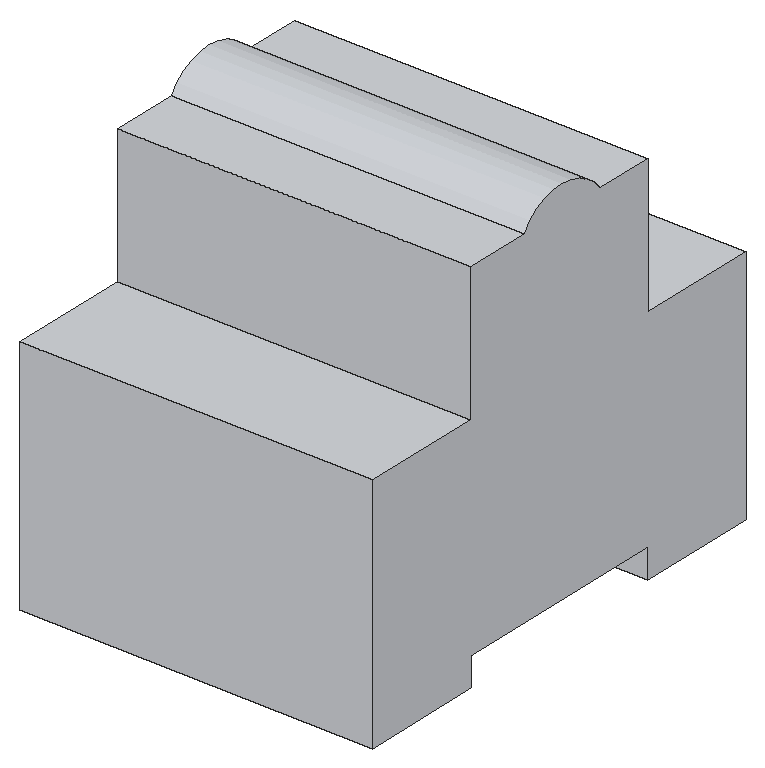
Revit family "Power-ModularDevices-GEWISS-90AM-SPD_TYPE1+2_1PN_25kA", category Apparecchi elettrici, host Superficie, Revit 2016
Family settings
  Host = Superficie
  Mantenere orientamento annotazione = Sì
  Tipo di parte = Normale
  Quota connettore circolare = Usa diametro
  Numero OmniClass = 23.80.50.00
  Titolo OmniClass = Terminals for Power Supply
  Taglio con vuoti quando caricato = No
  Condiviso = No
  Punto di calcolo locali = Sì
Parameters (values of type "GWD6404 - LST - SPD 1P+N 25KA AUX. T1+2")
  potenza in watt = 0 V
  carico = Altro
  Version file RFA = "18.0"
  URL = "https://www.gewiss.com/ww/en"
  Type: = "1+2"
  Type = "1+2"
  Technical sheet = "https://www.gewiss.com/ww/en/search?q=GWD6404"
  Spostamento_x = -3950 mm
  Simbolo in pianta = yes
  SEO = "Limiter"
  Realized by GEWISS S.p.A. = ""
  Rated voltage AC = "230V"
  Rated voltage = "230Vac"
  Default Elevation = 1219.2 mm
  Produttore = "GEWISS S.p.A."
  Numero di poli_ = 1
  Spost_x_eff [instance] = 4000 mm + Spostamento_x  # 50 mm
  Number of poles = "1P+N"
  No. of poles = "1P+N"
  No. of modules EN 50022 = "4"
  No. Chorus modules = "4"
  Modello = "GWD6404"
  Maximum discharge current: = "100KA"
  Impulse current: = "25KA"
  Immagine tipo = GWD6404.jpg
  IFC.TypeObject = ""
  IFC.ExportType = ""
  IFC.ExportAs = ""
  IDT = "4e618f7d-67d6-4cf4-8899-ed9f15f30b0f"
  IDF = "c10255b5-4ec2-446d-ba9d-d686e9f5ba9b"
  Electrocod = "0641"
  EAN code = "8011564774827"
  Descrizione = "LST - SPD 1P+N 25KA AUX. T1+2"
  Catalogue Range = "90 AM"
  Catalogue = "POWER"
  COBie.Tagnumber = ""
  COBie.CreatedOn = ""
  COBie.CreatebBy = ""
  COBie.ComponentRegisterItemID = ""
  COBie.Component.TagNumber = ""
  COBie.Component.Space = ""
  COBie.Component.SerialNumber = ""
  COBie.Component.InstallationDate = ""
  COBie.Component.Description = ""
  COBie.Component.BarCode = ""
  Barra_DIN [instance] = 0 mm
  Aux end-of-life contact = "Yes"
Types (2, lengths in mm): name | URL | Produttore | Descrizione
  (no name) | 0 | "GEWISS" | "LST - SCARICATORE 1P+N 25kA AUS. T1+2"
  GWD6404 - LST - SPD 1P+N 25KA AUX. T1+2 | "https://www.gewiss.com/ww/en" | "GEWISS S.p.A." | "LST - SPD 1P+N 25KA AUX. T1+2"
Values of the unnamed type that differ from the named types
  Version file RFA = ""
  Type: = ""
  Type = ""
  Technical sheet = ""
  SEO = ""
  Rated voltage AC = ""
  Rated voltage = ""
  Number of poles = ""
  No. of poles = ""
  No. of modules EN 50022 = ""
  No. Chorus modules = ""
  Maximum discharge current: = ""
  Impulse current: = ""
  IDT = ""
  IDF = ""
  Electrocod = ""
  EAN code = ""
  Catalogue Range = ""
  Catalogue = ""
  Aux end-of-life contact = ""
Reference planes
  plane 1 "Centro (Fronte/Retro)": y = 0
  plane 2: z = 0
  plane 3 "Centro (Sinistra/Destra)": x = 0
  plane 4: z = 0
Dimensions and locks
  "Barra_DIN": host face to plane 4
  aligned and locked: plane 2 to host face
  aligned and locked: level to host face
  aligned and locked: plane 3 "Centro (Sinistra/Destra)" to nested 1
  aligned and locked: plane 1 "Centro (Fronte/Retro)" to nested 1
Automatic sketch dimensions
  host sketch curve to host sketch curve = 5519.2 mm
  host sketch curve to host sketch curve = 4328.142 mm
Nested families
  nested 1: "GENERICO - 90AM SCARICATORI LST TIPO 1+2 1P+N 25KA" at (0, 0, 7), type "GENERICO - 90AM SCARICATORI LST TIPO 1+2 1P+N 25KA"
  nested 2: "Famiglia3" at (0, 72.865, 0), visible <- "Simbolo in pianta", type "Famiglia3"
Connectors
  electrical at (0, 47.5, 25.5)
    settings: on nested 1, index 1, voltage 230 V, apparent load 0 VA, apparent load phase1 0 VA, apparent load phase2 0 VA, apparent load phase3 0 VA, power factor 1, load classification "Altro", number of poles 1, system type 31, power factor state 1, is connector primary yes, connector utility no, sub classification motor no, connector description ""
Definition of nested family "GENERICO - 90AM SCARICATORI LST TIPO 1+2 1P+N 25KA"
  Parameters (values of type "GENERICO - 90AM SCARICATORI LST TIPO 1+2 1P+N 25KA")
    h_barra din = if(Altezza barre = 1 mm, 69.9 mm, if(Altezza barre = 2 mm, 115.8 mm, 0 mm))  # 0 mm
    Default Elevation = 1219.2 mm
    H = if(AB_O = 1, AB_V, if(AB_O = 2, AB_H, 50.8 mm))  # 50.8 mm
    Dist barra din = 0 mm  # constant formula
    C1 = 49 mm  # constant formula
    C = 76 mm  # constant formula
    B = 95 mm  # constant formula
    Altezza barre = 5 mm  # constant formula
    AB_V = 3 mm  # constant formula
    AB_H = 5 mm  # constant formula
    AB_O = 0  # constant formula
    A = 72 mm  # constant formula
  Reference planes
    plane 1 "Centro (Fronte/Retro)": y = 0
    plane 2: z = 0
    plane 3 "Centro (Sinistra/Destra)": x = 0
    plane 4: y = -47.5
    plane 5: y = 47.5
    plane 6: z = 0
    plane 7: z = -6
    plane 8 "top": z = 76
    plane 9 "incasso": z = 43
    plane 10: y = -22.5
    plane 11: y = 22.5
    plane 12: x = -36
    plane 13: x = 36
    plane 14: through (4267.2, -42.5, 9) normal (0, -0.1901, 0.9818)
    plane 15 "POSIZIONE": z = 71
    plane 16: y = 10.353
    plane 17: y = -8.889
  Forms (mm)
    Extrusion 1, solid
      sketch origin (0, 0, 0) x (0, 1, 0) y (0, 0, 1)
        loop
          line (-22.5, 0) -> (22.5, 0) -> (22.5, -6) -> (47.5, -6) -> (47.5, 43) -> (22.5, 43) -> (22.5, 71) -> (10.353, 71)
          arc (10.353, 71) -> (0.732, 76.023) -> (-8.889, 71) r 11.726
          line (-8.889, 71) -> (-22.5, 71) -> (-22.5, 43) -> (-47.5, 43) -> (-47.5, -6) -> (-22.5, -6) -> (-22.5, 0)
      from -36 to 36
  Lines and regions (mm)
    symbolic lines
      curve 1: line (0, 0, 15) -> (0, 0, -6)
      curve 2: line (0, -22.5, 0) -> (0, 22.5, 0)
    model lines, detail levels fine
      curve 3: line (-32.126, -19.935, 71) -> (-32.126, -21.516, 71)
      curve 4: line (-32.126, -21.516, 71) -> (-32.656, -21.516, 71)
      curve 5: line (-32.656, -21.516, 71) -> (-32.963, -21.478, 71)
      curve 6: line (-32.963, -21.478, 71) -> (-33.339, -21.311, 71)
      curve 7: line (-33.339, -21.311, 71) -> (-33.637, -21.034, 71)
      curve 8: line (-33.637, -21.034, 71) -> (-33.835, -20.661, 71)
      curve 9: line (-33.835, -20.661, 71) -> (-33.896, -20.263, 71)
      curve 10: line (-33.896, -20.263, 71) -> (-33.837, -19.897, 71)
      curve 11: line (-33.837, -19.897, 71) -> (-33.678, -19.573, 71)
      curve 12: line (-33.678, -19.573, 71) -> (-33.393, -19.278, 71)
      curve 13: line (-33.393, -19.278, 71) -> (-33.048, -19.099, 71)
      curve 14: line (-33.048, -19.099, 71) -> (-32.661, -19.035, 71)
      curve 15: line (-32.661, -19.035, 71) -> (-32.126, -19.035, 71)
      curve 16: line (-32.126, -19.035, 71) -> (-32.126, -19.717, 71)
      curve 17: line (-32.126, -19.717, 71) -> (-33.026, -19.717, 71)
      curve 18: line (-33.026, -19.717, 71) -> (-33.026, -20.835, 71)
      curve 19: line (-33.026, -20.835, 71) -> (-32.806, -20.835, 71)
      curve 20: line (-32.806, -20.835, 71) -> (-32.806, -19.935, 71)
      curve 21: line (-32.806, -19.935, 71) -> (-32.126, -19.935, 71)
      curve 22: line (-29.986, -21.516, 71) -> (-31.908, -21.516, 71)
      curve 23: line (-31.908, -21.516, 71) -> (-31.908, -19.035, 71)
      curve 24: line (-31.908, -19.035, 71) -> (-30.885, -19.035, 71)
      curve 25: line (-30.885, -19.035, 71) -> (-30.885, -19.717, 71)
      curve 26: line (-30.885, -19.717, 71) -> (-31.226, -19.717, 71)
      curve 27: line (-31.226, -19.717, 71) -> (-31.226, -19.935, 71)
      curve 28: line (-31.226, -19.935, 71) -> (-29.986, -19.935, 71)
      curve 29: line (-29.986, -19.935, 71) -> (-29.986, -20.617, 71)
      curve 30: line (-29.986, -20.617, 71) -> (-31.226, -20.617, 71)
      curve 31: line (-31.226, -20.617, 71) -> (-31.226, -20.835, 71)
      curve 32: line (-31.226, -20.835, 71) -> (-29.986, -20.835, 71)
      curve 33: line (-29.986, -20.835, 71) -> (-29.986, -21.516, 71)
      curve 34: line (-26.51, -21.516, 71) -> (-26.51, -19.935, 71)
      curve 35: line (-26.51, -19.935, 71) -> (-27.191, -19.935, 71)
      curve 36: line (-27.191, -19.935, 71) -> (-27.191, -21.516, 71)
      curve 37: line (-27.191, -21.516, 71) -> (-26.51, -21.516, 71)
      curve 38: line (-28.793, -21.516, 71) -> (-28.588, -20.494, 71)
      curve 39: line (-28.588, -20.494, 71) -> (-28.384, -21.516, 71)
      curve 40: line (-28.384, -21.516, 71) -> (-27.702, -21.516, 71)
      curve 41: line (-27.702, -21.516, 71) -> (-27.28, -19.717, 71)
      curve 42: line (-27.28, -19.717, 71) -> (-26.51, -19.717, 71)
      curve 43: line (-26.51, -19.717, 71) -> (-26.51, -19.035, 71)
      curve 44: line (-26.51, -19.035, 71) -> (-27.818, -19.035, 71)
      curve 45: line (-27.818, -19.035, 71) -> (-28.064, -20.085, 71)
      curve 46: line (-28.064, -20.085, 71) -> (-28.234, -19.035, 71)
      curve 47: line (-28.234, -19.035, 71) -> (-28.943, -19.035, 71)
      curve 48: line (-28.943, -19.035, 71) -> (-29.113, -20.085, 71)
      curve 49: line (-29.113, -20.085, 71) -> (-29.359, -19.035, 71)
      curve 50: line (-29.359, -19.035, 71) -> (-30.667, -19.035, 71)
      curve 51: line (-30.667, -19.035, 71) -> (-30.667, -19.717, 71)
      curve 52: line (-30.667, -19.717, 71) -> (-29.897, -19.717, 71)
      curve 53: line (-29.897, -19.717, 71) -> (-29.475, -21.516, 71)
      curve 54: line (-29.475, -21.516, 71) -> (-28.793, -21.516, 71)
      curve 55: line (-24.369, -19.035, 71) -> (-26.291, -19.035, 71)
      curve 56: line (-26.291, -19.035, 71) -> (-26.291, -20.616, 71)
      curve 57: line (-26.291, -20.616, 71) -> (-25.051, -20.616, 71)
      curve 58: line (-25.051, -20.616, 71) -> (-25.051, -20.835, 71)
      curve 59: line (-25.051, -20.835, 71) -> (-26.291, -20.835, 71)
      curve 60: line (-26.291, -20.835, 71) -> (-26.291, -21.516, 71)
      curve 61: line (-26.291, -21.516, 71) -> (-24.369, -21.516, 71)
      curve 62: line (-24.369, -21.516, 71) -> (-24.369, -19.935, 71)
      curve 63: line (-24.369, -19.935, 71) -> (-25.61, -19.935, 71)
      curve 64: line (-25.61, -19.935, 71) -> (-25.61, -19.717, 71)
      curve 65: line (-25.61, -19.717, 71) -> (-24.369, -19.717, 71)
      curve 66: line (-24.369, -19.717, 71) -> (-24.369, -19.035, 71)
      curve 67: line (-24.151, -19.035, 71) -> (-24.151, -20.616, 71)
      curve 68: line (-24.151, -20.616, 71) -> (-22.995, -20.616, 71)
      curve 69: line (-22.995, -20.616, 71) -> (-22.995, -20.835, 71)
      curve 70: line (-22.995, -20.835, 71) -> (-24.151, -20.835, 71)
      curve 71: line (-24.151, -20.835, 71) -> (-24.151, -21.516, 71)
      curve 72: line (-24.151, -21.516, 71) -> (-23.47, -21.516, 71)
      curve 73: line (-23.47, -21.516, 71) -> (-23.076, -21.39, 71)
      curve 74: line (-23.076, -21.39, 71) -> (-22.822, -21.224, 71)
      curve 75: line (-22.822, -21.224, 71) -> (-22.531, -20.867, 71)
      curve 76: line (-22.531, -20.867, 71) -> (-22.396, -20.467, 71)
      curve 77: line (-22.396, -20.467, 71) -> (-22.392, -20.112, 71)
      curve 78: line (-22.392, -20.112, 71) -> (-22.429, -19.935, 71)
      curve 79: line (-22.429, -19.935, 71) -> (-23.47, -19.935, 71)
      curve 80: line (-23.47, -19.935, 71) -> (-23.47, -19.717, 71)
      curve 81: line (-23.47, -19.717, 71) -> (-22.522, -19.717, 71)
      curve 82: line (-22.522, -19.717, 71) -> (-22.645, -19.511, 71)
      curve 83: line (-22.645, -19.511, 71) -> (-22.822, -19.327, 71)
      curve 84: line (-22.822, -19.327, 71) -> (-23.069, -19.165, 71)
      curve 85: line (-23.069, -19.165, 71) -> (-23.327, -19.071, 71)
      curve 86: line (-23.327, -19.071, 71) -> (-23.616, -19.035, 71)
      curve 87: line (-23.616, -19.035, 71) -> (-24.151, -19.035, 71)
    model lines
      curve 88: line (-35.758, 42.406, 43) -> (0, 42.406, 43)
      curve 89: circle (-27.311, 37.799, 43) r 3.335 normal (0, 0, 1)
      curve 90: circle (-9.311, 37.799, 43) r 3.429 normal (0, 0, 1)
      curve 91: circle (-9.553, -37.201, 43) r 3.335 normal (0, 0, 1)
      curve 93: line (35.758, 42.406, 43) -> (0, 42.406, 43)
      curve 94: circle (27.311, 37.799, 43) r 3.335 normal (0, 0, -1)
      curve 95: circle (9.311, 37.799, 43) r 3.429 normal (0, 0, -1)
      curve 96: circle (-26.436, -37.201, 43) r 3.335 normal (0, 0, -1)
      curve 102: line (14.76, 14.908, 71) -> (14.76, 19.281, 71)
      curve 103: line (14.76, 19.281, 71) -> (4.576, 19.281, 71)
      curve 104: line (4.576, 19.281, 71) -> (4.576, 14.908, 71)
      curve 105: line (4.576, 14.908, 71) -> (14.76, 14.908, 71)
      curve 106: line (32.76, 14.908, 71) -> (32.76, 19.281, 71)
      curve 107: line (32.76, 19.281, 71) -> (22.576, 19.281, 71)
      curve 108: line (22.576, 19.281, 71) -> (22.576, 14.908, 71)
      curve 109: line (22.576, 14.908, 71) -> (32.76, 14.908, 71)
      curve 114: line (0, -22.5, 71) -> (0, -8.889, 71)
    model lines, detail levels medium+fine
      curve 92: line (0, -22.5, 43) -> (0, -47.5, 43)
      curve 97: line (-17.758, 42.406, 43) -> (-17.758, 22.5, 43)
      curve 98: line (0, 42.406, 43) -> (0, 22.5, 43)
      curve 99: line (17.758, 42.406, 43) -> (17.758, 22.5, 43)
      curve 100: line (-17.995, -22.5, 43) -> (-17.995, -47.5, 43)
      curve 101: line (18.005, -22.5, 43) -> (18.005, -47.5, 43)
      curve 110: line (-17.758, 22.5, 71) -> (-17.758, 10.353, 71)
      curve 111: line (17.758, 22.5, 71) -> (17.758, 10.353, 71)
      curve 112: line (-17.995, -8.889, 71) -> (-17.995, -22.493, 71)
      curve 113: line (18.005, -8.889, 71) -> (18.005, -22.493, 71)
  Text (mm)
    text "AB_V" at (0, 50.868, 44.72), in view "Destra"
    text "AB_O" at (0, -80.659, 111.963), in view "Destra"
  Dimensions and locks
    equal spacing: plane 4, plane 1 "Centro (Fronte/Retro)", plane 5
    "B": plane 4 to plane 5
    "Dist barra din": plane 6 to level
    locked: plane 6 to plane 7 at 6
    "C": plane 8 "top" to plane 6
    equal spacing: plane 10, plane 1 "Centro (Fronte/Retro)", plane 11
    plane 10 to plane 11 = 45 mm
    equal spacing: plane 12, plane 3 "Centro (Sinistra/Destra)", plane 13
    "A": plane 12 to plane 13
    "C1": plane 9 "incasso" to plane 7
    locked: plane 15 "POSIZIONE" to plane 9 "incasso" at 28
    angle level to plane 14 = 10.9557°
    angle plane 4 to plane 8 "top" = 90.00°
    aligned and locked: level to plane 2
    aligned and locked: Extrusion 1 sketch curve to plane 6
    aligned and locked: Extrusion 1 sketch curve to plane 7
    aligned and locked: Extrusion 1 sketch curve to plane 4
    aligned and locked: Extrusion 1 sketch curve to plane 9 "incasso"  (x2)
    aligned and locked: Extrusion 1 sketch curve to plane 11  (x2)
    aligned and locked: Extrusion 1 sketch curve to plane 5
    aligned and locked: Extrusion 1 sketch curve to plane 10  (x2)
    aligned and locked: plane 1 "Centro (Fronte/Retro)" to curve 1
    aligned and locked: Extrusion 1 to plane 6
    aligned and locked: Extrusion 1 to plane 12
    aligned and locked: plane 13 to Extrusion 1
    aligned and locked: plane 15 "POSIZIONE" to Extrusion 1 sketch curve
    aligned and locked: Extrusion 1 sketch curve to plane 15 "POSIZIONE"
    aligned and locked: plane 17 to Extrusion 1 sketch curve
    aligned and locked: plane 16 to Extrusion 1 sketch curve
    aligned and locked: curve 113 to curve 101
  Automatic sketch dimensions
    Extrusion 1 sketch curve to plane 7 = 0 mm
    plane 15 "POSIZIONE" to Extrusion 1 sketch curve = 6.703 mm
    curve 2 to level = 0 mm
    curve 2 to plane 10 = 0 mm
    curve 2 to plane 11 = 0 mm
    curve 1 to plane 7 = 0 mm
    level to curve 1 = 15 mm
    curve 88 to curve 89 = 9.622 mm
    curve 93 to curve 94 = 9.622 mm
    curve 90 to curve 91 = 75 mm
    curve 96 to curve 91 = 0 mm
    curve 89 to curve 96 = 0.875 mm
    curve 96 to curve 91 = 16.883 mm
    curve 89 to curve 90 = 18 mm
    curve 90 to curve 98 = 10.388 mm
    curve 88 to curve 95 = 10.388 mm
    curve 95 to curve 94 = 18 mm
    curve 92 to curve 91 = 14.701 mm
    curve 88 to plane 3 "Centro (Sinistra/Destra)" = 0 mm
    curve 97 to plane 11 = 0 mm
    curve 98 to plane 11 = 0 mm
    curve 99 to plane 11 = 0 mm
    curve 100 to plane 10 = 0 mm
    curve 101 to plane 10 = 0 mm
    curve 92 to plane 3 "Centro (Sinistra/Destra)" = 0 mm
    curve 92 to plane 10 = 0 mm
    curve 92 to plane 4 = 0 mm
    curve 101 to plane 4 = 0 mm
    curve 100 to plane 4 = 0 mm
    curve 95 to plane 5 = 9.701 mm
    curve 94 to plane 5 = 9.701 mm
    curve 89 to plane 5 = 9.701 mm
    curve 90 to plane 5 = 9.701 mm
    curve 98 to plane 5 = 5.094 mm
    plane 4 to curve 91 = 10.299 mm
    plane 4 to curve 96 = 10.299 mm
    curve 90 to plane 3 "Centro (Sinistra/Destra)" = 9.311 mm
    curve 91 to plane 3 "Centro (Sinistra/Destra)" = 9.553 mm
    plane 12 to curve 96 = 9.564 mm
    plane 12 to curve 89 = 8.689 mm
    plane 3 "Centro (Sinistra/Destra)" to curve 95 = 9.311 mm
    curve 94 to plane 13 = 8.689 mm
    plane 12 to curve 88 = 0.242 mm
    curve 101 to plane 13 = 17.995 mm
    curve 93 to plane 13 = 0.242 mm
    plane 17 to curve 112 = 0 mm
    plane 16 to curve 110 = 0 mm
    curve 110 to plane 11 = 0 mm
    curve 111 to plane 11 = 0 mm
    plane 16 to curve 111 = 0 mm
    plane 17 to curve 113 = 0 mm
    plane 10 to curve 77 = 2.388 mm
    plane 12 to curve 77 = 13.608 mm
    plane 10 to curve 77 = 2.033 mm
    curve 77 to curve 77 = 0.004 mm
    curve 79 to curve 77 = 0.037 mm
    plane 10 to curve 82 = 2.783 mm
    curve 82 to curve 78 = 0.093 mm
    plane 10 to curve 75 = 1.633 mm
    curve 75 to curve 76 = 0.135 mm
    plane 10 to curve 83 = 2.989 mm
    curve 83 to curve 81 = 0.123 mm
    plane 10 to curve 74 = 1.276 mm
    curve 74 to curve 75 = 0.291 mm
    plane 10 to curve 83 = 3.173 mm
    curve 83 to curve 82 = 0.177 mm
    curve 69 to curve 75 = 0.463 mm
    plane 10 to curve 84 = 3.335 mm
    curve 84 to curve 83 = 0.247 mm
    plane 10 to curve 74 = 1.11 mm
    curve 74 to curve 74 = 0.254 mm
    plane 10 to curve 85 = 3.429 mm
    curve 85 to curve 84 = 0.258 mm
    curve 79 to curve 68 = 0.475 mm
    plane 10 to curve 73 = 0.984 mm
    curve 73 to curve 73 = 0.394 mm
    plane 10 to curve 86 = 3.465 mm
    curve 86 to curve 85 = 0.29 mm
    curve 70 to curve 72 = 0.682 mm
    curve 87 to curve 86 = 0.535 mm
    curve 66 to curve 67 = 0.218 mm
    curve 63 to curve 65 = 0 mm
    curve 58 to curve 70 = 0.9 mm
    curve 65 to curve 57 = 0.559 mm
    curve 59 to curve 63 = 0.682 mm
    curve 57 to curve 59 = 0 mm
    curve 34 to curve 60 = 0.218 mm
    curve 44 to curve 55 = 0.218 mm
    curve 35 to curve 34 = 0.682 mm
    plane 10 to curve 41 = 2.783 mm
    curve 41 to curve 35 = 0.089 mm
    plane 10 to curve 41 = 0.984 mm
    curve 41 to curve 36 = 0.511 mm
    plane 10 to curve 45 = 3.465 mm
    curve 45 to curve 41 = 0.538 mm
    plane 10 to curve 46 = 2.415 mm
    curve 46 to curve 41 = 0.784 mm
    plane 10 to curve 46 = 3.465 mm
    curve 46 to curve 44 = 0.416 mm
    curve 40 to curve 40 = 0.682 mm
    plane 10 to curve 39 = 2.006 mm
    curve 39 to curve 45 = 0.525 mm
    curve 54 to curve 39 = 0.409 mm
    curve 47 to curve 46 = 0.709 mm
    plane 10 to curve 48 = 2.415 mm
    curve 48 to curve 38 = 0.525 mm
    curve 50 to curve 47 = 0.416 mm
    curve 54 to curve 38 = 0.682 mm
    plane 10 to curve 53 = 2.783 mm
    curve 53 to curve 48 = 0.784 mm
    curve 22 to curve 53 = 0.51 mm
    curve 30 to curve 32 = 0 mm
    curve 51 to curve 28 = 0.681 mm
    curve 26 to curve 51 = 0.218 mm
    curve 31 to curve 25 = 0.341 mm
    curve 28 to curve 25 = 0.341 mm
    curve 23 to curve 26 = 0.681 mm
    curve 21 to curve 27 = 0.899 mm
    curve 16 to curve 23 = 0.218 mm
    curve 4 to curve 3 = 0.53 mm
    curve 15 to curve 15 = 0.535 mm
    curve 19 to curve 4 = 0.151 mm
    plane 10 to curve 6 = 1.022 mm
    curve 6 to curve 4 = 0.307 mm
    curve 17 to curve 20 = 0.219 mm
    curve 13 to curve 14 = 0.388 mm
    plane 10 to curve 7 = 1.189 mm
    curve 7 to curve 5 = 0.376 mm
    curve 12 to curve 13 = 0.345 mm
    curve 8 to curve 6 = 0.298 mm
    curve 11 to curve 12 = 0.285 mm
    curve 9 to curve 7 = 0.198 mm
    curve 10 to curve 11 = 0.159 mm
    curve 10 to curve 10 = 0.059 mm
    plane 3 "Centro (Sinistra/Destra)" to curve 105 = 4.576 mm
    curve 107 to plane 11 = 3.219 mm
    curve 102 to curve 107 = 7.816 mm
    plane 10 to curve 53 = 0.984 mm
    curve 40 to curve 37 = 0 mm
    curve 62 to curve 71 = 0 mm
    curve 22 to curve 53 = 0 mm
    curve 4 to curve 5 = 0.039 mm
    curve 6 to curve 8 = 0.277 mm
    curve 6 to curve 18 = 0.477 mm
    curve 61 to curve 59 = 0.682 mm
    curve 71 to curve 70 = 0.682 mm
    curve 22 to curve 33 = 0.682 mm
    curve 7 to curve 8 = 0.373 mm
    curve 32 to curve 29 = 0.218 mm
    curve 69 to curve 69 = 0.218 mm
    curve 58 to curve 58 = 0.218 mm
    curve 8 to curve 9 = 0.398 mm
    curve 19 to curve 20 = 0.9 mm
    curve 67 to curve 62 = 0.682 mm
    curve 36 to curve 41 = 0.218 mm
    curve 77 to curve 78 = 0.177 mm
    curve 29 to curve 52 = 0.218 mm
    curve 9 to curve 10 = 0.367 mm
    curve 20 to curve 18 = 0.218 mm
    curve 62 to curve 66 = 0.218 mm
    curve 51 to curve 26 = 0 mm
    curve 10 to curve 11 = 0.323 mm
    curve 11 to curve 12 = 0.295 mm
    curve 12 to curve 14 = 0.179 mm
    curve 51 to curve 50 = 0.682 mm
    curve 25 to curve 50 = 0 mm
    curve 16 to curve 23 = 0 mm
    curve 55 to curve 67 = 0 mm
    curve 108 to curve 107 = 4.373 mm
    curve 110 to plane 3 "Centro (Sinistra/Destra)" = 17.758 mm
    curve 84 to curve 112 = 5.074 mm
    curve 102 to curve 111 = 2.998 mm
    plane 10 to curve 112 = 0.007 mm
    plane 10 to curve 113 = 0.007 mm
    curve 114 to plane 3 "Centro (Sinistra/Destra)" = 0 mm
    curve 114 to plane 10 = 0 mm
    plane 17 to curve 114 = 0 mm
    curve 96 to curve 100 = 8.442 mm
    curve 97 to curve 90 = 8.447 mm
    curve 95 to curve 99 = 8.447 mm
    curve 107 to plane 13 = 3.24 mm
    curve 102 to plane 16 = 4.555 mm
    curve 104 to curve 102 = 10.184 mm
    curve 103 to plane 11 = 3.219 mm
    radius of curve 89 = 3.335 mm  (x2)
    radius of curve 90 = 3.429 mm  (x2)
    radius of curve 91 = 3.335 mm  (x2)
    radius of curve 94 = 3.335 mm  (x2)
    radius of curve 95 = 3.429 mm  (x2)
    radius of curve 96 = 3.335 mm  (x2)
Definition of nested family "Famiglia3"
  Reference planes
    plane 1: y = 0
    plane 2: x = 0
  Lines and regions (mm)
    detail lines
      curve 1: line (0, 0, 0) -> (-0.001, 3.334, 0)
      curve 2: line (0.277, 3.334, 0) -> (-0.278, 3.334, 0)
      curve 3: line (-0.278, 3.334, 0) -> (-0.001, 4.223, 0)
      curve 4: line (-0.001, 4.223, 0) -> (0.277, 3.334, 0)
      curve 5: line (0.277, 3.334, 0) -> (-0.001, 4.223, 0)
      curve 6: line (-0.001, 4.223, 0) -> (-0.278, 3.334, 0)
      curve 7: line (-0.278, 3.334, 0) -> (0.277, 3.334, 0)
      curve 8: line (0.277, 3.334, 0) -> (-0.001, 4.223, 0)
      curve 9: line (-0.001, 4.223, 0) -> (-0.278, 3.334, 0)
      curve 10: line (-0.445, 4.612, 0) -> (0.444, 4.612, 0)
      curve 11: line (0.444, 4.612, 0) -> (0.444, 2.39, 0)
      curve 12: line (0.444, 2.39, 0) -> (-0.445, 2.389, 0)
      curve 13: line (-0.445, 2.389, 0) -> (-0.445, 4.612, 0)
